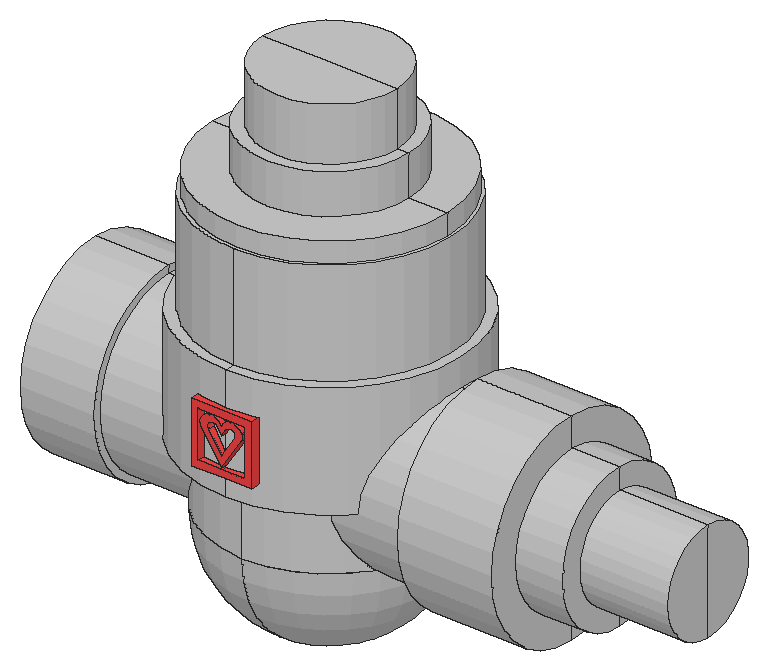
Revit family "Клапан для отключения радиатора с высокой пропускной способностью HERZ-RL-1-E, проходной 3723", category Rohrzubehör, Revit 2021
Family settings
  Bemaßung runder Anschluss = Durchmesser verwenden
  Teiletyp = Unterbricht
  OmniClass-Nummer = 23.65.55.14
  OmniClass-Titel = Valves for Liquid Services
  Arbeitsebenenbasiert = Nein
  Immer vertikal = Nein
  Beim Laden mit Abzugskörper schneiden = Nein
  Gemeinsam genutzt = Nein
Parameters
  Среда = "Качество воды в соответствии с ÖNORM H 5195 или директивой VDI 2035."
  Область применения = "Система водяного отопления. С помощью установки радиаторных запорных клапанов возможно осуществить перекрытие обратного потока нагревательных приборов. При одновременном перекрытии с клапаном на подающем трубопроводе возможен демонтаж радиатора в системе, которая находится под давлением."
  Номер заказа [instance] = size_lookup("3723_1E_", "Artnr", 0, Nennweite)  # 1372301
  Макс. рабочее давление = 1000000.0 Pa  # constant formula
  Макс. рабочая температура = 120 °C  # constant formula
  Корпус = "Никелированная латунь"  # constant formula
  Исполнение = "Стандартные модели с резьбовой муфтой в никелированном исполнении."
  Vorgabe-Ansicht = 0.000 mm
  URL = "www.herz-armaturen.ru"
  SCRNSEQ = "ARM;ARM_TYP=\"ALLF\";2"
  SCRNCODE = "05;01;02"  # constant formula
  S04 = 45.000 mm  # constant formula
  S03 = 61.000 mm  # constant formula
  S02 [instance] = L05 + L06 + L07  # 56.300 mm
  S01 = 10.000 mm  # constant formula
  R06 = 10.000 mm  # constant formula
  R05 = 11.750 mm  # constant formula
  R04 = 17.500 mm  # constant formula
  R03 = 16.500 mm  # constant formula
  R02 = 19.500 mm  # constant formula
  R01 = 18.000 mm  # constant formula
  Nennweite [instance] = 15.000 mm
  LO1 = 3.000 mm  # constant formula
  LO2 = 19.500 mm  # constant formula
  L07 [instance] = size_lookup("3723_1E_", "L7", 1.000 mm, Nennweite)  # 20.300 mm
  L06 [instance] = size_lookup("3723_1E_", "L6", 1.000 mm, Nennweite)  # 14.000 mm
  L05 [instance] = L02 - L04  # 22.000 mm
  L04 [instance] = size_lookup("3723_1E_", "L4", 1.000 mm, Nennweite)  # 11.000 mm
  L03 [instance] = size_lookup("3723_1E_", "L3", 1.000 mm, Nennweite)  # 11.000 mm
  L02 [instance] = size_lookup("3723_1E_", "L2", 1.000 mm, Nennweite)  # 33.000 mm
  L01 [instance] = size_lookup("3723_1E_", "L1", 1.000 mm, Nennweite)  # 35.000 mm
  Hersteller = "HERZ Armaturen Ges.m.b.H."  # constant formula
  H6 = 8.000 mm  # constant formula
  H07 = 14.000 mm  # constant formula
  H05 = 17.000 mm  # constant formula
  H04 [instance] = H02 - H03  # 17.000 mm
  H03 = 15.500 mm  # constant formula
  H02 [instance] = 32.500 mm  # constant formula
  H01 [instance] = 26.000 mm  # constant formula
  GTI [instance] = size_lookup("3723_1E_", "GT1", 1.000 mm, Nennweite)  # 13.200 mm
  GT [instance] = size_lookup("3723_1E_", "GT", 1.000 mm, Nennweite)  # 12.000 mm
  G2 [instance] = Nennweite / 2  # 7.500 mm
  G1 [instance] = Nennweite / 2  # 7.500 mm
  D05 [instance] = size_lookup("3723_1E_", "D5", 1.000 mm, Nennweite)  # 10.650 mm
  D04 [instance] = size_lookup("3723_1E_", "D4", 1.000 mm, Nennweite)  # 15.000 mm
  D03 [instance] = size_lookup("3723_1E_", "D3", 1.000 mm, Nennweite)  # 9.525 mm
  D02 [instance] = size_lookup("3723_1E_", "D2", 1.000 mm, Nennweite)  # 13.000 mm
  D01 [instance] = size_lookup("3723_1E_", "D1", 1.000 mm, Nennweite)  # 14.000 mm
Reference planes
  plane 1 "Mitte (Vorne/hinten)": y = 0
  plane 2: z = 0
  plane 3 "Mitte (Links/rechts)": x = 0
Forms (mm)
  Revolve 1, solid, material "Messing, weicher Gelbton, geschweißt", detail levels fine
    sketch origin (0, 0, 0) x (1, 0, 0) y (0, 0, 1)
      loop
        line (-23, 0) -> (33, 0) -> (33, 9.525) -> (22, 9.525) -> (22, 13) -> (-24, 13) -> (-24, 14) -> (-35, 14) -> (-35, 7.5) -> (-23, 7.5) -> (-23, 0)
      axis (-35, 0) -> (33, 0)
    angle from 0 to 360
  Revolve 2, solid, material "Messing, weicher Gelbton, geschweißt", detail levels fine
    sketch origin (0, 0, 0) x (0, 1, 0) y (0, 0, 1)
      loop
        line (0, 32.5) -> (-18, 32.5) -> (-18, 17) -> (-19.5, 17) -> (-19.5, 0) -> (-16.5, 0) -> (-16.5, -9.5)
        arc (-16.5, -9.5) -> (-11.667, -21.167) -> (0, -26) r 16.5
        line (0, -26) -> (0, 32.5)
      axis (0, -26) -> (0, 32.5)
    angle from 0 to 360
  Revolve 3, solid, material "Messing, weicher Gelbton, geschweißt", detail levels fine
    sketch origin (0, 0, 0) x (1, 0, 0) y (0, 0, 1)
      loop
        line (33, 0) -> (56.3, 0) -> (56.3, 7.5) -> (43.1, 7.5) -> (43.1, 10.65) -> (36, 10.65) -> (36, 15) -> (22, 15) -> (22, 9.525) -> (33, 9.525) -> (33, 0)
      axis (22, 0) -> (56.3, 0)
    angle from 0 to 360
  Revolve 4, solid, material "Messing, weicher Gelbton, geschweißt", detail levels medium+fine
    sketch origin (0, 0, 0) x (1, 0, 0) y (0, 0, 1)
      loop
        line (0, 32.5) -> (0, 49.5) -> (-10, 49.5) -> (-10, 41.5) -> (-11.75, 41.5) -> (-11.75, 35.5) -> (-17.5, 35.5) -> (-17.5, 32.5) -> (0, 32.5)
      axis (0, 49.5) -> (0, 32.5)
    angle from 0 to 360
Lines and regions (mm)
  model lines, detail levels coarse+medium
    curve 1: line (-35, 0, 14) -> (-35, 0, -14)
    curve 2: line (-35, 0, -14) -> (35, 0, 14)
    curve 3: line (35, 0, 14) -> (35, 0, -14)
    curve 4: line (35, 0, -14) -> (-35, 0, 14)
    curve 5: line (35, 0, 14) -> (45, 0, 14)
    curve 6: line (45, 0, 14) -> (35, 0, 0)
    curve 7: line (35, 0, -14) -> (45, 0, -14)
    curve 8: line (45, 0, -14) -> (35, 0, 0)
    curve 9: line (35, 0, 0) -> (56.3, 0, 0)
    curve 10: line (-35, 14, 0) -> (-35, -14, 0)
    curve 11: line (-35, -14, 0) -> (35, 14, 0)
    curve 12: line (35, 14, 0) -> (35, -14, 0)
    curve 13: line (35, -14, 0) -> (-35, 14, 0)
    curve 14: line (35, 14, 0) -> (45, 14, 0)
    curve 15: line (45, 14, 0) -> (35, 0, 0)
    curve 16: line (35, -14, 0) -> (45, -14, 0)
    curve 17: line (45, -14, 0) -> (35, 0, 0)
Dimensions and locks
  "L01": Revolve 1 sketch curve to plane 3 "Mitte (Links/rechts)"
  "L02": Revolve 1 sketch curve to plane 3 "Mitte (Links/rechts)"
  "G1": Revolve 1 sketch curve to plane 2
  "GT": Revolve 1 sketch curve to Revolve 1 sketch curve
  "D01": Revolve 1 sketch curve to Revolve 1 sketch curve
  "D02": Revolve 1 sketch curve to Revolve 1 sketch curve
  "D03": Revolve 1 sketch curve to Revolve 1 sketch curve
  "L03": Revolve 1 sketch curve to Revolve 1 sketch curve
  "L04": Revolve 1 sketch curve to Revolve 1 sketch curve
  "H02": Revolve 2 sketch curve to plane 2
  "D03": Revolve 3 sketch curve to plane 2
  "L04": Revolve 3 sketch curve to Revolve 3 sketch curve
  "L05": Revolve 3 sketch curve to plane 3 "Mitte (Links/rechts)"
  "L06": Revolve 3 sketch curve to Revolve 3 sketch curve
  "L07": Revolve 3 sketch curve to Revolve 3 sketch curve
  "D04": Revolve 3 sketch curve to Revolve 3 sketch curve
  "G2": Revolve 3 sketch curve to Revolve 3 sketch curve
  "D05": Revolve 3 sketch curve to Revolve 3 sketch curve
  "GTI": Revolve 3 sketch curve to Revolve 3 sketch curve
  "LO1": nested 1 to plane 2
  "D01": curve 4 to plane 2 to curve 2
  "D01": curve 3 to plane 2 to curve 4
  "L01": curve 1 to plane 3 "Mitte (Links/rechts)" to curve 3
  "S01": curve 3 to curve 6
  "S02": curve 9 to plane 3 "Mitte (Links/rechts)"
  "L01": curve 10 to plane 3 "Mitte (Links/rechts)" to curve 12
  "D01": curve 11 to plane 1 "Mitte (Vorne/hinten)" to curve 13
  "D01": curve 13 to plane 1 "Mitte (Vorne/hinten)" to curve 12
  "S01": curve 12 to curve 15
  "S01": curve 12 to curve 17
  "H03": Revolve 2 sketch curve to Revolve 2 sketch curve
  "R02": Revolve 2 sketch curve to Revolve 2 sketch curve
  "R01": Revolve 2 sketch curve to Revolve 2 sketch curve
  "H04": Revolve 2 sketch curve to Revolve 2 sketch curve
  "H01": plane 2 to Revolve 2 sketch curve
  "LO2": nested 1 to plane 1 "Mitte (Vorne/hinten)"
  "H05": Revolve 4 sketch curve to Revolve 2
  "H02": Revolve 4 sketch curve to plane 2
  "H6": Revolve 4 sketch curve to Revolve 4 sketch curve
  "H07": Revolve 4 sketch curve to Revolve 4 sketch curve
  "R06": Revolve 4 sketch curve to Revolve 4 sketch curve
  "R05": Revolve 4 sketch curve to Revolve 4 sketch curve
  "R04": Revolve 4 sketch curve to Revolve 4 sketch curve
  "R03": radius of Revolve 2 sketch curve
  aligned and locked: level to plane 2
Automatic sketch dimensions
  curve 9 to level = 0.000 mm
  curve 3 to curve 8 = 10.000 mm
  plane 1 "Mitte (Vorne/hinten)" to curve 17 = 0.000 mm
  Revolve 1 sketch curve to level = 0.000 mm  (x2)
  Revolve 1 sketch curve to Revolve 1 sketch curve = 1436.530 mm
  Revolve 1 sketch curve to Revolve 1 sketch curve = 1779.148 mm
  Revolve 2 sketch curve to plane 1 "Mitte (Vorne/hinten)" = 0.000 mm  (x2)
  Revolve 2 sketch curve to Revolve 2 sketch curve = 0.000 mm
  Revolve 2 sketch curve to Revolve 2 sketch curve = 1236.335 mm
  Revolve 3 sketch curve to level = 0.000 mm  (x2)
  Revolve 3 sketch curve to plane 3 "Mitte (Links/rechts)" = 1506.530 mm
  Revolve 3 sketch curve to Revolve 3 sketch curve = 1789.648 mm
  Revolve 4 sketch curve to plane 3 "Mitte (Links/rechts)" = 0.000 mm  (x2)
  Revolve 4 sketch curve to level = 366.045 mm
  Revolve 4 sketch curve to Revolve 4 sketch curve = 2164.815 mm
Nested families
  nested 1: "Herz-Logo-vorne" at (0, -19.5, 7.5) x (0, 1, 0) z (0, 0, 1), type "Herz-Logo-vorne", detail levels fine
Connectors
  piping at (-23, 0, 0), diameter 15, driven by "Nennweite"
    settings: on Revolve 1, index 1, connector inside diameter 609.6 mm, connector length 0.000 mm, flow factor 0, pipe flow 0.0 L/s, pressure drop 0.0 Pa, fitting loss kfactor 0, connector angle 0.00°, fixture units 0, engagement length 0.000 mm, angle of deflection 0.00°, flow configuration 0, flow direction 1, fitting loss method 0, system type 8, joint type 0, gender type 0, connector reference index -1, connector utility 0, adjustable connector no, is connector primary yes, connector description ""
  piping at (56.3, 0, 0), diameter 15, driven by "Nennweite"
    settings: on Revolve 3, index 2, connector inside diameter 609.6 mm, connector length 0.000 mm, flow factor 0, pipe flow 0.0 L/s, pressure drop 0.0 Pa, fitting loss kfactor 0, connector angle 0.00°, fixture units 0, engagement length 0.000 mm, angle of deflection 0.00°, flow configuration 0, flow direction 2, fitting loss method 0, system type 8, joint type 0, gender type 0, connector reference index -1, connector utility 0, adjustable connector no, is connector primary no, connector description ""
Definition of nested family "Herz-Logo-vorne"
  Parameters (values of type "Herz-Logo-vorne")
    Default Elevation = 0.000 mm
  Reference planes
    plane 1 "Mitte (Vorne/hinten)": y = 0
    plane 2: z = 0
    plane 3 "Mitte (Links/rechts)": x = 0
  Forms (mm)
    Extrusion 1, solid
      sketch origin (0.732, -0.018, 0.017) x (0, -1, 0) y (0, 0, 1)
        loop
          line (-0.018, -4.517) -> (4.482, -4.517) -> (4.482, 4.483) -> (-4.518, 4.483) -> (-4.518, -4.517) -> (-0.018, -4.517)
        loop
          line (-0.05, -3.48) -> (3.482, -3.48) -> (3.482, 3.483) -> (-3.518, 3.483) -> (-3.518, -3.48) -> (-0.05, -3.48)
        loop
          arc (-0.018, 2.383) -> (-1.543, 3.287) -> (-3.067, 2.383) r 1.738
          arc (-3.067, 2.383) -> (-3.191, 1.899) -> (-3.067, 1.415) r 1.009
          line (-3.067, 1.415) -> (-0.018, -3.281) -> (3.032, 1.415)
          arc (3.032, 1.415) -> (3.156, 1.899) -> (3.032, 2.383) r 1.009
          arc (3.032, 2.383) -> (1.507, 3.287) -> (-0.018, 2.383) r 1.738
        loop
          arc (1.885, 1.272) -> (2.005, 1.675) -> (1.885, 2.079) r 0.74
          arc (1.885, 2.079) -> (1.265, 2.416) -> (0.644, 2.079) r 0.74
          line (0.644, 2.079) -> (-0.018, 0.97) -> (-0.679, 2.079)
          arc (-0.679, 2.079) -> (-1.3, 2.416) -> (-1.921, 2.079) r 0.74
          arc (-1.921, 2.079) -> (-2.04, 1.675) -> (-1.921, 1.272) r 0.74
          line (-1.921, 1.272) -> (-0.018, -1.658) -> (1.885, 1.272)
      from 0 to 1.5
  Dimensions and locks
    aligned and locked: level to plane 2
